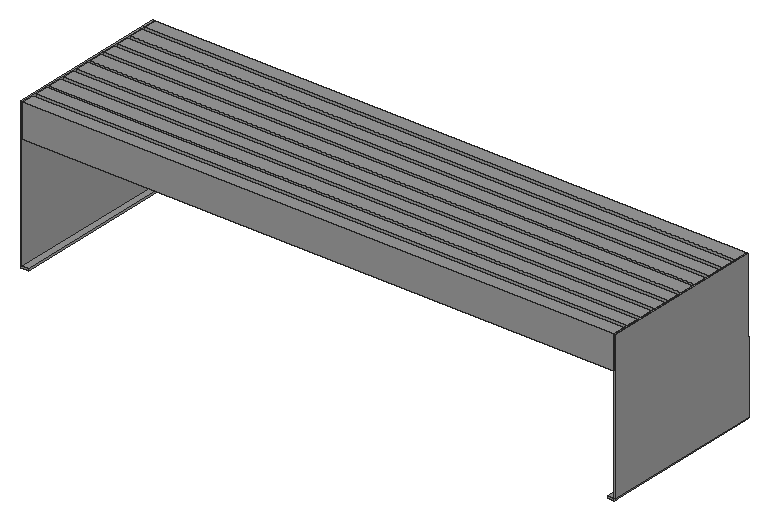
Revit family "Скамейка стальная «Холд» без спинки Арт 14037", category Антураж, Revit 2018
Family settings
  На основе рабочей плоскости = Нет
  Всегда вертикально = Да
  При загрузке вырезать с полостями = Нет
  Источник визуального образа = Геометрия семейства
  Общий = Нет
  Точка расчета площади = Нет
Parameters (values of type "Версия 1,8 м")
  Ширина = 500 mm  # constant formula
  Цвет опор = Сталь
  Цвет лавки = Дерево
  Описание = if([Версия 1,8 м], "Скамейка стальная «Холд» без спинки. Версия 1,8 м", "Скамейка стальная «Холд» без спинки. Версия 2,0 м")  # "Скамейка стальная «Холд» без спинки. Версия 1,8 м"
  Материал изделия = "Сталь, дерево"  # constant formula
  Изображение типоразмера = Скамейка стальная «Холд» без спинки Арт 14037.jpg
  Изготовитель = "ООО «Хоббика»"  # constant formula
  Длина = if([Версия 1,8 м], 1800 mm, 2000 mm)  # 1800 mm
  Группа модели = "Скамейки"  # constant formula
  Высота = 450 mm  # constant formula
  Версия 2,0 м = not([Версия 1,8 м])  # no
  Версия 1,8 м = yes
  Артикул товара = "Арт. 14037"  # constant formula
  URL = "https://hobbyka.ru/product/skameyka_bez_spinki_khold/"
Types (3, lengths in mm): name | Описание | Длина | Версия 2,0 м | Версия 1,8 м
  (no name) | "Скамейка стальная «Холд» без спинки. Версия 1,8 м" | 1800 | no | yes
  Версия 1,8 м | "Скамейка стальная «Холд» без спинки. Версия 1,8 м" | 1800 | no | yes
  Версия 2,0 м | "Скамейка стальная «Холд» без спинки. Версия 2,0 м" | 2000 | yes | no
Reference planes
  plane 1 "По центру (Вперед/Назад)": y = 0
  plane 2: z = 0
  plane 3 "По центру (Влево/Вправо)": x = 0
  plane 4: x = 1800
  plane 5: x = 1795
  plane 6: x = 5
  plane 7: y = 500
  plane 8: z = 450
Forms (mm)
  Extrusion 1, solid, material "Сталь" <- "Цвет опор"
    sketch origin (0, 0, 0) x (1, 0, 0) y (0, 1, 0)
      loop
        line (0, 500) -> (0, 0) -> (5, 0) -> (5, 500) -> (0, 500)
      loop
        line (1795, 500) -> (1795, 0) -> (1800, 0) -> (1800, 500) -> (1795, 500)
    from 10 to 450
  Extrusion 2, solid, material "Дерево" <- "Цвет лавки"
    sketch origin (0, 0, 0) x (1, 0, 0) y (0, 1, 0)
      loop
        line (5, 0) -> (1795, 0) -> (1795, 40) -> (5, 40) -> (5, 0)
    from 350 to 450
  Extrusion 3, solid, material "Дерево" <- "Цвет лавки"
    sketch origin (0, 460, 0) x (1, 0, 0) y (0, 1, 0)
      loop
        line (5, 0) -> (1795, 0) -> (1795, 40) -> (5, 40) -> (5, 0)
    from 350 to 450
  Extrusion 4, solid, material "Дерево" <- "Цвет лавки"
    sketch origin (0, 51.111, 0) x (1, 0, 0) y (0, 1, 0)
      loop
        line (5, 0) -> (1795, 0) -> (1795, 40) -> (5, 40) -> (5, 0)
    from 350 to 450
  Extrusion 5, solid, material "Дерево" <- "Цвет лавки"
    sketch origin (0, 102.222, 0) x (1, 0, 0) y (0, 1, 0)
      loop
        line (5, 0) -> (1795, 0) -> (1795, 40) -> (5, 40) -> (5, 0)
    from 350 to 450
  Extrusion 6, solid, material "Дерево" <- "Цвет лавки"
    sketch origin (0, 153.333, 0) x (1, 0, 0) y (0, 1, 0)
      loop
        line (5, 0) -> (1795, 0) -> (1795, 40) -> (5, 40) -> (5, 0)
    from 350 to 450
  Extrusion 7, solid, material "Дерево" <- "Цвет лавки"
    sketch origin (0, 204.444, 0) x (1, 0, 0) y (0, 1, 0)
      loop
        line (5, 0) -> (1795, 0) -> (1795, 40) -> (5, 40) -> (5, 0)
    from 350 to 450
  Extrusion 8, solid, material "Дерево" <- "Цвет лавки"
    sketch origin (0, 255.556, 0) x (1, 0, 0) y (0, 1, 0)
      loop
        line (5, 0) -> (1795, 0) -> (1795, 40) -> (5, 40) -> (5, 0)
    from 350 to 450
  Extrusion 9, solid, material "Дерево" <- "Цвет лавки"
    sketch origin (0, 306.667, 0) x (1, 0, 0) y (0, 1, 0)
      loop
        line (5, 0) -> (1795, 0) -> (1795, 40) -> (5, 40) -> (5, 0)
    from 350 to 450
  Extrusion 10, solid, material "Дерево" <- "Цвет лавки"
    sketch origin (0, 357.778, 0) x (1, 0, 0) y (0, 1, 0)
      loop
        line (5, 0) -> (1795, 0) -> (1795, 40) -> (5, 40) -> (5, 0)
    from 350 to 450
  Extrusion 11, solid, material "Дерево" <- "Цвет лавки"
    sketch origin (0, 408.889, 0) x (1, 0, 0) y (0, 1, 0)
      loop
        line (5, 0) -> (1795, 0) -> (1795, 40) -> (5, 40) -> (5, 0)
    from 350 to 450
  Extrusion 12, solid, material "Сталь" <- "Цвет опор"
    sketch origin (0, 0, 0) x (1, 0, 0) y (0, 0, 1)
      loop
        line (5, 0) -> (25, 0) -> (25, 5) -> (5, 5) -> (5, 10) -> (0, 10) -> (0, 5)
        arc (0, 5) -> (1.464, 1.464) -> (5, 0) r 5
      loop
        arc (1795, 0) -> (1798.536, 1.464) -> (1800, 5) r 5
        line (1800, 5) -> (1800, 10) -> (1795, 10) -> (1795, 5) -> (1775, 5) -> (1775, 0) -> (1795, 0)
    from 0 to -500
Cuts and joins
  joined: Extrusion 1, Extrusion 12
Dimensions and locks
  "Длина": plane 3 "По центру (Влево/Вправо)" to plane 4
  "Ширина": plane 7 to plane 1 "По центру (Вперед/Назад)"
  locked: plane 3 "По центру (Влево/Вправо)" to plane 6 at 5
  locked: plane 5 to plane 4 at 5
  "Высота": plane 8 to plane 2
  aligned and locked: level to plane 2
  aligned and locked: Extrusion 1 sketch curve to plane 7  (x2)
  aligned and locked: plane 3 "По центру (Влево/Вправо)" to Extrusion 1 sketch curve
  aligned and locked: Extrusion 1 sketch curve to plane 1 "По центру (Вперед/Назад)"  (x2)
  aligned and locked: Extrusion 1 sketch curve to plane 6
  aligned and locked: plane 5 to Extrusion 1 sketch curve
  aligned and locked: Extrusion 1 sketch curve to plane 4
  aligned and locked: Extrusion 2 to plane 6
  aligned and locked: plane 5 to Extrusion 2
  aligned and locked: plane 5 to Extrusion 4
  aligned and locked: plane 5 to Extrusion 5
  aligned and locked: plane 5 to Extrusion 6
  aligned and locked: plane 5 to Extrusion 7
  aligned and locked: plane 5 to Extrusion 8
  aligned and locked: plane 5 to Extrusion 10
  aligned and locked: plane 5 to Extrusion 9
  aligned and locked: plane 5 to Extrusion 3
  aligned and locked: plane 5 to Extrusion 11
Automatic sketch dimensions
  Extrusion 2 sketch curve to Extrusion 2 sketch curve = 1790 mm
  Extrusion 2 sketch curve to Extrusion 2 sketch curve = 40 mm
  Extrusion 3 sketch curve to Extrusion 3 sketch curve = 1790 mm
  Extrusion 3 sketch curve to Extrusion 3 sketch curve = 40 mm
  Extrusion 4 sketch curve to Extrusion 4 sketch curve = 1790 mm
  Extrusion 4 sketch curve to Extrusion 4 sketch curve = 40 mm
  Extrusion 5 sketch curve to Extrusion 5 sketch curve = 1790 mm
  Extrusion 5 sketch curve to Extrusion 5 sketch curve = 40 mm
  Extrusion 6 sketch curve to Extrusion 6 sketch curve = 1790 mm
  Extrusion 6 sketch curve to Extrusion 6 sketch curve = 40 mm
  Extrusion 7 sketch curve to Extrusion 7 sketch curve = 1790 mm
  Extrusion 7 sketch curve to Extrusion 7 sketch curve = 40 mm
  Extrusion 8 sketch curve to Extrusion 8 sketch curve = 1790 mm
  Extrusion 8 sketch curve to Extrusion 8 sketch curve = 40 mm
  Extrusion 9 sketch curve to Extrusion 9 sketch curve = 1790 mm
  Extrusion 9 sketch curve to Extrusion 9 sketch curve = 40 mm
  Extrusion 10 sketch curve to Extrusion 10 sketch curve = 1790 mm
  Extrusion 10 sketch curve to Extrusion 10 sketch curve = 40 mm
  Extrusion 11 sketch curve to Extrusion 11 sketch curve = 1790 mm
  Extrusion 11 sketch curve to Extrusion 11 sketch curve = 40 mm
  Extrusion 2 sketch curve to plane 6 = 0 mm
  plane 1 "По центру (Вперед/Назад)" to Extrusion 2 sketch curve = 0 mm
  Extrusion 3 sketch curve to plane 6 = 0 mm
  Extrusion 3 sketch curve to plane 7 = 0 mm
  Extrusion 4 sketch curve to plane 6 = 0 mm
  Extrusion 4 sketch curve to plane 1 "По центру (Вперед/Назад)" = 51.111 mm
  Extrusion 5 sketch curve to plane 6 = 0 mm
  Extrusion 5 sketch curve to plane 1 "По центру (Вперед/Назад)" = 102.222 mm
  Extrusion 6 sketch curve to plane 6 = 0 mm
  Extrusion 6 sketch curve to plane 1 "По центру (Вперед/Назад)" = 153.333 mm
  Extrusion 7 sketch curve to plane 6 = 0 mm
  Extrusion 7 sketch curve to plane 1 "По центру (Вперед/Назад)" = 204.444 mm
  Extrusion 8 sketch curve to plane 6 = 0 mm
  Extrusion 8 sketch curve to plane 7 = 244.444 mm
  Extrusion 9 sketch curve to plane 6 = 0 mm
  Extrusion 9 sketch curve to plane 7 = 193.333 mm
  Extrusion 10 sketch curve to plane 6 = 0 mm
  Extrusion 10 sketch curve to plane 7 = 142.222 mm
  Extrusion 11 sketch curve to plane 6 = 0 mm
  Extrusion 11 sketch curve to plane 7 = 91.111 mm
  Extrusion 12 sketch curve to plane 3 "По центру (Влево/Вправо)" = 0 mm
  Extrusion 12 sketch curve to level = 0 mm  (x2)
  Extrusion 12 sketch curve to plane 6 = 0 mm  (x2)
  Extrusion 12 sketch curve to plane 5 = 0 mm  (x2)
  Extrusion 12 sketch curve to plane 4 = 0 mm
  level to Extrusion 12 sketch curve = 5 mm  (x2)
  Extrusion 12 sketch curve to Extrusion 12 sketch curve = 20 mm  (x2)
  Extrusion 12 sketch curve to Extrusion 12 sketch curve = 5 mm  (x2)
